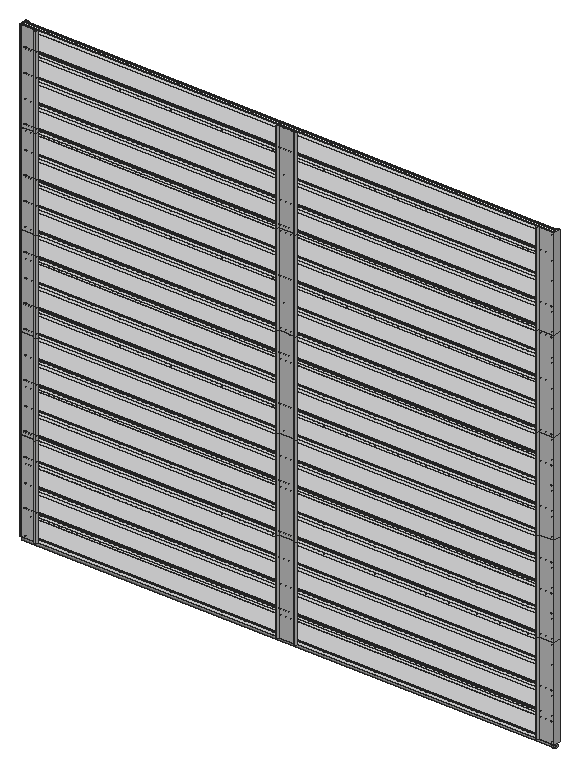
Revit family "GAFS 20H WH", category Doors, host Wall, Revit 2024
Family settings
  Host = Wall
  OmniClass Number = 23.30.10.00
  OmniClass Title = Doors
  Always vertical = Yes
  Cut with Voids When Loaded = No
  Shared = No
  Room Calculation Point = No
Parameters
  Wall Opening [instance] = 4880 mm
  Function = Interior
  Frame Projection Ext. = 25 mm
  Frame Projection Int. = 25 mm
  Frame Width = 75 mm
  Height = 2135 mm
  Wall Closure = By host
  Width = 2440 mm
Reference planes
  plane 1: y = 0
  plane 2 "Center (Left/Right)": x = 0
  plane 3: z = 2135
  plane 4 "Exterior": y = 75
  plane 5 "Interior": y = -75
  plane 6 "Garage Bottom": y = 75
  plane 7 "Garage Top": z = 2170
  plane 8: z = 19.954
  plane 9 "Garage Left": x = 1250
  plane 10 "Garage Right": x = -1250
Forms (mm)
  Extrusion 1, solid, material "STEEL BACK & SIDE PLATES"
    sketch origin (2744.172, 256, 612.954) x (1, 0, 0) y (0, 1, 0)
      loop
        line (-2791.977, -404.804) -> (-2789.506, -414.002) -> (-2782.523, -414.002) -> (-2780.383, -405.996) -> (-2707.961, -405.996) -> (-2705.821, -414.002) -> (-2698.839, -414.002) -> (-2696.367, -404.804) -> (-2697.626, -404.804) -> (-2699.758, -412.802) -> (-2704.9, -412.802) -> (-2707.039, -404.797) -> (-2781.305, -404.797) -> (-2783.444, -412.802) -> (-2788.586, -412.802) -> (-2790.718, -404.804) -> (-2791.977, -404.804)
      loop
        line (-3985.472, -373.2) -> (-3992.972, -373.2) -> (-3992.972, -372) -> (-3991.972, -372)
        arc (-3991.972, -372) -> (-3991.472, -371.5) -> (-3991.972, -371) r 0.5
        line (-3991.972, -371) -> (-3994.172, -371) -> (-3994.172, -406) -> (-3924.955, -406) -> (-3922.812, -414) -> (-3915.811, -414) -> (-3913.363, -404.8) -> (-3914.589, -404.8) -> (-3916.732, -412.8) -> (-3921.891, -412.8) -> (-3924.034, -404.8) -> (-3992.972, -404.8) -> (-3992.972, -374.4) -> (-3980.945, -374.4)
        arc (-3980.945, -374.4) -> (-3980.21, -374.891) -> (-3979.372, -374.607) r 1
        line (-3979.372, -374.607) -> (-3978.819, -374.054)
        arc (-3978.819, -374.054) -> (-3978.71, -373.509) -> (-3979.172, -373.2) r 0.5
        line (-3979.172, -373.2) -> (-3984.272, -373.2) -> (-3984.272, -371) -> (-3986.472, -371)
        arc (-3986.472, -371) -> (-3986.972, -371.5) -> (-3986.472, -372) r 0.5
        line (-3986.472, -372) -> (-3985.472, -372) -> (-3985.472, -373.2)
      loop
        line (-1502.872, -373.2) -> (-1502.872, -372) -> (-1501.872, -372)
        arc (-1501.872, -372) -> (-1501.372, -371.5) -> (-1501.872, -371) r 0.5
        line (-1501.872, -371) -> (-1504.072, -371) -> (-1504.072, -373.2) -> (-1509.172, -373.2)
        arc (-1509.172, -373.2) -> (-1509.634, -373.509) -> (-1509.526, -374.054) r 0.5
        line (-1509.526, -374.054) -> (-1508.972, -374.607)
        arc (-1508.972, -374.607) -> (-1508.135, -374.891) -> (-1507.399, -374.4) r 1
        line (-1507.399, -374.4) -> (-1495.372, -374.4) -> (-1495.372, -404.8) -> (-1564.31, -404.8) -> (-1566.454, -412.8) -> (-1571.612, -412.8) -> (-1573.756, -404.8) -> (-1574.982, -404.8) -> (-1572.533, -414) -> (-1565.533, -414) -> (-1563.389, -406) -> (-1494.172, -406) -> (-1494.172, -371) -> (-1496.372, -371)
        arc (-1496.372, -371) -> (-1496.872, -371.5) -> (-1496.372, -372) r 0.5
        line (-1496.372, -372) -> (-1495.372, -372) -> (-1495.372, -373.2) -> (-1502.872, -373.2)
    from 267.046 to 697.046
  Extrusion 2, solid, material "STEEL BACK & SIDE PLATES"
    sketch origin (2744.172, 256, 182.954) x (1, 0, 0) y (0, 1, 0)
      loop
        line (-2791.977, -404.804) -> (-2789.506, -414.002) -> (-2782.523, -414.002) -> (-2780.383, -405.996) -> (-2707.961, -405.996) -> (-2705.821, -414.002) -> (-2698.839, -414.002) -> (-2696.367, -404.804) -> (-2697.626, -404.804) -> (-2699.758, -412.802) -> (-2704.9, -412.802) -> (-2707.039, -404.797) -> (-2781.305, -404.797) -> (-2783.444, -412.802) -> (-2788.586, -412.802) -> (-2790.718, -404.804) -> (-2791.977, -404.804)
      loop
        line (-3985.472, -373.2) -> (-3992.972, -373.2) -> (-3992.972, -372) -> (-3991.972, -372)
        arc (-3991.972, -372) -> (-3991.472, -371.5) -> (-3991.972, -371) r 0.5
        line (-3991.972, -371) -> (-3994.172, -371) -> (-3994.172, -406) -> (-3924.955, -406) -> (-3922.812, -414) -> (-3915.811, -414) -> (-3913.363, -404.8) -> (-3914.589, -404.8) -> (-3916.732, -412.8) -> (-3921.891, -412.8) -> (-3924.034, -404.8) -> (-3992.972, -404.8) -> (-3992.972, -374.4) -> (-3980.945, -374.4)
        arc (-3980.945, -374.4) -> (-3980.21, -374.891) -> (-3979.372, -374.607) r 1
        line (-3979.372, -374.607) -> (-3978.819, -374.054)
        arc (-3978.819, -374.054) -> (-3978.71, -373.509) -> (-3979.172, -373.2) r 0.5
        line (-3979.172, -373.2) -> (-3984.272, -373.2) -> (-3984.272, -371) -> (-3986.472, -371)
        arc (-3986.472, -371) -> (-3986.972, -371.5) -> (-3986.472, -372) r 0.5
        line (-3986.472, -372) -> (-3985.472, -372) -> (-3985.472, -373.2)
      loop
        line (-1502.872, -373.2) -> (-1502.872, -372) -> (-1501.872, -372)
        arc (-1501.872, -372) -> (-1501.372, -371.5) -> (-1501.872, -371) r 0.5
        line (-1501.872, -371) -> (-1504.072, -371) -> (-1504.072, -373.2) -> (-1509.172, -373.2)
        arc (-1509.172, -373.2) -> (-1509.634, -373.509) -> (-1509.526, -374.054) r 0.5
        line (-1509.526, -374.054) -> (-1508.972, -374.607)
        arc (-1508.972, -374.607) -> (-1508.135, -374.891) -> (-1507.399, -374.4) r 1
        line (-1507.399, -374.4) -> (-1495.372, -374.4) -> (-1495.372, -404.8) -> (-1564.31, -404.8) -> (-1566.454, -412.8) -> (-1571.612, -412.8) -> (-1573.756, -404.8) -> (-1574.982, -404.8) -> (-1572.533, -414) -> (-1565.533, -414) -> (-1563.389, -406) -> (-1494.172, -406) -> (-1494.172, -371) -> (-1496.372, -371)
        arc (-1496.372, -371) -> (-1496.872, -371.5) -> (-1496.372, -372) r 0.5
        line (-1496.372, -372) -> (-1495.372, -372) -> (-1495.372, -373.2) -> (-1502.872, -373.2)
    from 267.046 to 697.046
  Extrusion 3, solid, material "STEEL BACK & SIDE PLATES"
    sketch origin (2744.172, 256, -247.046) x (1, 0, 0) y (0, 1, 0)
      loop
        line (-2791.977, -404.804) -> (-2789.506, -414.002) -> (-2782.523, -414.002) -> (-2780.383, -405.996) -> (-2707.961, -405.996) -> (-2705.821, -414.002) -> (-2698.839, -414.002) -> (-2696.367, -404.804) -> (-2697.626, -404.804) -> (-2699.758, -412.802) -> (-2704.9, -412.802) -> (-2707.039, -404.797) -> (-2781.305, -404.797) -> (-2783.444, -412.802) -> (-2788.586, -412.802) -> (-2790.718, -404.804) -> (-2791.977, -404.804)
      loop
        line (-3985.472, -373.2) -> (-3992.972, -373.2) -> (-3992.972, -372) -> (-3991.972, -372)
        arc (-3991.972, -372) -> (-3991.472, -371.5) -> (-3991.972, -371) r 0.5
        line (-3991.972, -371) -> (-3994.172, -371) -> (-3994.172, -406) -> (-3924.955, -406) -> (-3922.812, -414) -> (-3915.811, -414) -> (-3913.363, -404.8) -> (-3914.589, -404.8) -> (-3916.732, -412.8) -> (-3921.891, -412.8) -> (-3924.034, -404.8) -> (-3992.972, -404.8) -> (-3992.972, -374.4) -> (-3980.945, -374.4)
        arc (-3980.945, -374.4) -> (-3980.21, -374.891) -> (-3979.372, -374.607) r 1
        line (-3979.372, -374.607) -> (-3978.819, -374.054)
        arc (-3978.819, -374.054) -> (-3978.71, -373.509) -> (-3979.172, -373.2) r 0.5
        line (-3979.172, -373.2) -> (-3984.272, -373.2) -> (-3984.272, -371) -> (-3986.472, -371)
        arc (-3986.472, -371) -> (-3986.972, -371.5) -> (-3986.472, -372) r 0.5
        line (-3986.472, -372) -> (-3985.472, -372) -> (-3985.472, -373.2)
      loop
        line (-1502.872, -373.2) -> (-1502.872, -372) -> (-1501.872, -372)
        arc (-1501.872, -372) -> (-1501.372, -371.5) -> (-1501.872, -371) r 0.5
        line (-1501.872, -371) -> (-1504.072, -371) -> (-1504.072, -373.2) -> (-1509.172, -373.2)
        arc (-1509.172, -373.2) -> (-1509.634, -373.509) -> (-1509.526, -374.054) r 0.5
        line (-1509.526, -374.054) -> (-1508.972, -374.607)
        arc (-1508.972, -374.607) -> (-1508.135, -374.891) -> (-1507.399, -374.4) r 1
        line (-1507.399, -374.4) -> (-1495.372, -374.4) -> (-1495.372, -404.8) -> (-1564.31, -404.8) -> (-1566.454, -412.8) -> (-1571.612, -412.8) -> (-1573.756, -404.8) -> (-1574.982, -404.8) -> (-1572.533, -414) -> (-1565.533, -414) -> (-1563.389, -406) -> (-1494.172, -406) -> (-1494.172, -371) -> (-1496.372, -371)
        arc (-1496.372, -371) -> (-1496.872, -371.5) -> (-1496.372, -372) r 0.5
        line (-1496.372, -372) -> (-1495.372, -372) -> (-1495.372, -373.2) -> (-1502.872, -373.2)
    from 267 to 697.046
  Extrusion 4, solid, material "STEEL BACK & SIDE PLATES"
    sketch origin (2744.172, 256, 1042.954) x (1, 0, 0) y (0, 1, 0)
      loop
        line (-2791.977, -404.804) -> (-2789.506, -414.002) -> (-2782.523, -414.002) -> (-2780.383, -405.996) -> (-2707.961, -405.996) -> (-2705.821, -414.002) -> (-2698.839, -414.002) -> (-2696.367, -404.804) -> (-2697.626, -404.804) -> (-2699.758, -412.802) -> (-2704.9, -412.802) -> (-2707.039, -404.797) -> (-2781.305, -404.797) -> (-2783.444, -412.802) -> (-2788.586, -412.802) -> (-2790.718, -404.804) -> (-2791.977, -404.804)
      loop
        line (-3985.472, -373.2) -> (-3992.972, -373.2) -> (-3992.972, -372) -> (-3991.972, -372)
        arc (-3991.972, -372) -> (-3991.472, -371.5) -> (-3991.972, -371) r 0.5
        line (-3991.972, -371) -> (-3994.172, -371) -> (-3994.172, -406) -> (-3924.955, -406) -> (-3922.812, -414) -> (-3915.811, -414) -> (-3913.363, -404.8) -> (-3914.589, -404.8) -> (-3916.732, -412.8) -> (-3921.891, -412.8) -> (-3924.034, -404.8) -> (-3992.972, -404.8) -> (-3992.972, -374.4) -> (-3980.945, -374.4)
        arc (-3980.945, -374.4) -> (-3980.21, -374.891) -> (-3979.372, -374.607) r 1
        line (-3979.372, -374.607) -> (-3978.819, -374.054)
        arc (-3978.819, -374.054) -> (-3978.71, -373.509) -> (-3979.172, -373.2) r 0.5
        line (-3979.172, -373.2) -> (-3984.272, -373.2) -> (-3984.272, -371) -> (-3986.472, -371)
        arc (-3986.472, -371) -> (-3986.972, -371.5) -> (-3986.472, -372) r 0.5
        line (-3986.472, -372) -> (-3985.472, -372) -> (-3985.472, -373.2)
      loop
        line (-1502.872, -373.2) -> (-1502.872, -372) -> (-1501.872, -372)
        arc (-1501.872, -372) -> (-1501.372, -371.5) -> (-1501.872, -371) r 0.5
        line (-1501.872, -371) -> (-1504.072, -371) -> (-1504.072, -373.2) -> (-1509.172, -373.2)
        arc (-1509.172, -373.2) -> (-1509.634, -373.509) -> (-1509.526, -374.054) r 0.5
        line (-1509.526, -374.054) -> (-1508.972, -374.607)
        arc (-1508.972, -374.607) -> (-1508.135, -374.891) -> (-1507.399, -374.4) r 1
        line (-1507.399, -374.4) -> (-1495.372, -374.4) -> (-1495.372, -404.8) -> (-1564.31, -404.8) -> (-1566.454, -412.8) -> (-1571.612, -412.8) -> (-1573.756, -404.8) -> (-1574.982, -404.8) -> (-1572.533, -414) -> (-1565.533, -414) -> (-1563.389, -406) -> (-1494.172, -406) -> (-1494.172, -371) -> (-1496.372, -371)
        arc (-1496.372, -371) -> (-1496.872, -371.5) -> (-1496.372, -372) r 0.5
        line (-1496.372, -372) -> (-1495.372, -372) -> (-1495.372, -373.2) -> (-1502.872, -373.2)
    from 267.046 to 697.046
  Extrusion 5, solid, material "STEEL BACK & SIDE PLATES"
    sketch origin (2744.172, 256, 1472.954) x (1, 0, 0) y (0, 1, 0)
      loop
        line (-2791.977, -404.804) -> (-2789.506, -414.002) -> (-2782.523, -414.002) -> (-2780.383, -405.996) -> (-2707.961, -405.996) -> (-2705.821, -414.002) -> (-2698.839, -414.002) -> (-2696.367, -404.804) -> (-2697.626, -404.804) -> (-2699.758, -412.802) -> (-2704.9, -412.802) -> (-2707.039, -404.797) -> (-2781.305, -404.797) -> (-2783.444, -412.802) -> (-2788.586, -412.802) -> (-2790.718, -404.804) -> (-2791.977, -404.804)
      loop
        line (-3985.472, -373.2) -> (-3992.972, -373.2) -> (-3992.972, -372) -> (-3991.972, -372)
        arc (-3991.972, -372) -> (-3991.472, -371.5) -> (-3991.972, -371) r 0.5
        line (-3991.972, -371) -> (-3994.172, -371) -> (-3994.172, -406) -> (-3924.955, -406) -> (-3922.812, -414) -> (-3915.811, -414) -> (-3913.363, -404.8) -> (-3914.589, -404.8) -> (-3916.732, -412.8) -> (-3921.891, -412.8) -> (-3924.034, -404.8) -> (-3992.972, -404.8) -> (-3992.972, -374.4) -> (-3980.945, -374.4)
        arc (-3980.945, -374.4) -> (-3980.21, -374.891) -> (-3979.372, -374.607) r 1
        line (-3979.372, -374.607) -> (-3978.819, -374.054)
        arc (-3978.819, -374.054) -> (-3978.71, -373.509) -> (-3979.172, -373.2) r 0.5
        line (-3979.172, -373.2) -> (-3984.272, -373.2) -> (-3984.272, -371) -> (-3986.472, -371)
        arc (-3986.472, -371) -> (-3986.972, -371.5) -> (-3986.472, -372) r 0.5
        line (-3986.472, -372) -> (-3985.472, -372) -> (-3985.472, -373.2)
      loop
        line (-1502.872, -373.2) -> (-1502.872, -372) -> (-1501.872, -372)
        arc (-1501.872, -372) -> (-1501.372, -371.5) -> (-1501.872, -371) r 0.5
        line (-1501.872, -371) -> (-1504.072, -371) -> (-1504.072, -373.2) -> (-1509.172, -373.2)
        arc (-1509.172, -373.2) -> (-1509.634, -373.509) -> (-1509.526, -374.054) r 0.5
        line (-1509.526, -374.054) -> (-1508.972, -374.607)
        arc (-1508.972, -374.607) -> (-1508.135, -374.891) -> (-1507.399, -374.4) r 1
        line (-1507.399, -374.4) -> (-1495.372, -374.4) -> (-1495.372, -404.8) -> (-1564.31, -404.8) -> (-1566.454, -412.8) -> (-1571.612, -412.8) -> (-1573.756, -404.8) -> (-1574.982, -404.8) -> (-1572.533, -414) -> (-1565.533, -414) -> (-1563.389, -406) -> (-1494.172, -406) -> (-1494.172, -371) -> (-1496.372, -371)
        arc (-1496.372, -371) -> (-1496.872, -371.5) -> (-1496.372, -372) r 0.5
        line (-1496.372, -372) -> (-1495.372, -372) -> (-1495.372, -373.2) -> (-1502.872, -373.2)
    from 267.046 to 697.046
  Extrusion 6, solid, material "WHITE ALUMINIUM"
    sketch origin (0, -44, 2189.863) x (0, -1, 0) y (0, 0, -1)
      loop
        line (82.14, 2169.909) -> (74.797, 2169.909) -> (74.797, 2070.864) -> (78.797, 2069.409) -> (78.797, 2062.409) -> (83.136, 2062.409)
        arc (83.136, 2062.409) -> (83.518, 2062.332) -> (83.843, 2062.116) r 1
        line (83.843, 2062.116) -> (86.55, 2059.409) -> (88.077, 2059.409)
        arc (88.077, 2059.409) -> (88.477, 2059.809) -> (88.077, 2060.209) r 0.4
        line (88.077, 2060.209) -> (87.047, 2060.209) -> (87.047, 2061.409) -> (92.547, 2061.409) -> (92.547, 2060.209) -> (91.517, 2060.209)
        arc (91.517, 2060.209) -> (91.117, 2059.809) -> (91.517, 2059.409) r 0.4
        line (91.517, 2059.409) -> (93.044, 2059.409) -> (95.751, 2062.116)
        arc (95.751, 2062.116) -> (96.077, 2062.333) -> (96.461, 2062.409) r 1
        line (96.461, 2062.409) -> (104.797, 2062.409) -> (104.797, 2074.409) -> (101.397, 2074.409)
        arc (101.397, 2074.409) -> (100.697, 2073.709) -> (101.397, 2073.009) r 0.7
        line (101.397, 2073.009) -> (103.397, 2073.009) -> (103.397, 2063.809) -> (95.464, 2063.809) -> (94.464, 2062.809) -> (85.13, 2062.809) -> (84.13, 2063.809) -> (80.197, 2063.809) -> (80.197, 2070.389) -> (76.197, 2071.845) -> (76.197, 2168.509) -> (81.56, 2168.509) -> (87.06, 2163.009) -> (92.534, 2163.009) -> (98.034, 2168.509) -> (103.397, 2168.509) -> (103.397, 2159.309) -> (101.397, 2159.309)
        arc (101.397, 2159.309) -> (100.697, 2158.609) -> (101.397, 2157.909) r 0.7
        line (101.397, 2157.909) -> (104.797, 2157.909) -> (104.797, 2169.909) -> (97.454, 2169.909) -> (91.954, 2164.409) -> (87.64, 2164.409) -> (82.14, 2169.909)
    from -1248.8 to 1248.8
  Extrusion 7, solid, material "Rubber, Natural"
    sketch origin (0, -32.797, 0.046) x (0, 1, 0) y (0, 0, 1)
      loop
        line (-111, 19.909) -> (-111, 16.909) -> (-106, 16.909) -> (-106, 14.004)
        spline (-106, 14.004) -> (-109.192, 11.809) -> (-110.848, 8.808) -> (-110.659, 5.562) -> (-108.66, 2.681) -> (-105.226, 0.703) -> (-101, 0) -> (-96.774, 0.703) -> (-93.34, 2.681) -> (-91.341, 5.562) -> (-91.152, 8.808) -> (-92.808, 11.809) -> (-96, 14.004)
        line (-96, 14.004) -> (-96, 16.909) -> (-91, 16.909) -> (-91, 19.909) -> (-111, 19.909)
      loop
        line (-98, 16.909) -> (-104, 16.909) -> (-104, 14.633)
        arc (-104, 14.633) -> (-101, 15.009) -> (-98, 14.633) r 12.129
        line (-98, 14.633) -> (-98, 16.909)
      loop
        spline (-101, 1.513) -> (-98.929, 1.717) -> (-97, 2.316) -> (-95.343, 3.268) -> (-94.072, 4.509) -> (-93.273, 5.954) -> (-93, 7.505) -> (-93.273, 9.055) -> (-94.072, 10.501) -> (-95.343, 11.742) -> (-97, 12.694) -> (-98.929, 13.292) -> (-101, 13.496)
        spline (-101, 13.496) -> (-103.071, 13.292) -> (-105, 12.694) -> (-106.657, 11.742) -> (-107.928, 10.501) -> (-108.727, 9.055) -> (-109, 7.505) -> (-108.727, 5.954) -> (-107.928, 4.509) -> (-106.657, 3.268) -> (-105, 2.316) -> (-103.071, 1.717) -> (-101, 1.513)
    from -1248.8 to 1248.8
  Extrusion 8, solid, material "WHITE ALUMINIUM"
    sketch origin (0, -44, 2297.363) x (0, -1, 0) y (0, 0, -1)
      loop
        line (82.14, 2169.909) -> (74.797, 2169.909) -> (74.797, 2070.864) -> (78.797, 2069.409) -> (78.797, 2062.409) -> (83.136, 2062.409)
        arc (83.136, 2062.409) -> (83.518, 2062.332) -> (83.843, 2062.116) r 1
        line (83.843, 2062.116) -> (86.55, 2059.409) -> (88.077, 2059.409)
        arc (88.077, 2059.409) -> (88.477, 2059.809) -> (88.077, 2060.209) r 0.4
        line (88.077, 2060.209) -> (87.047, 2060.209) -> (87.047, 2061.409) -> (92.547, 2061.409) -> (92.547, 2060.209) -> (91.517, 2060.209)
        arc (91.517, 2060.209) -> (91.117, 2059.809) -> (91.517, 2059.409) r 0.4
        line (91.517, 2059.409) -> (93.044, 2059.409) -> (95.751, 2062.116)
        arc (95.751, 2062.116) -> (96.077, 2062.333) -> (96.461, 2062.409) r 1
        line (96.461, 2062.409) -> (104.797, 2062.409) -> (104.797, 2074.409) -> (101.397, 2074.409)
        arc (101.397, 2074.409) -> (100.697, 2073.709) -> (101.397, 2073.009) r 0.7
        line (101.397, 2073.009) -> (103.397, 2073.009) -> (103.397, 2063.809) -> (95.464, 2063.809) -> (94.464, 2062.809) -> (85.13, 2062.809) -> (84.13, 2063.809) -> (80.197, 2063.809) -> (80.197, 2070.389) -> (76.197, 2071.845) -> (76.197, 2168.509) -> (81.56, 2168.509) -> (87.06, 2163.009) -> (92.534, 2163.009) -> (98.034, 2168.509) -> (103.397, 2168.509) -> (103.397, 2159.309) -> (101.397, 2159.309)
        arc (101.397, 2159.309) -> (100.697, 2158.609) -> (101.397, 2157.909) r 0.7
        line (101.397, 2157.909) -> (104.797, 2157.909) -> (104.797, 2169.909) -> (97.454, 2169.909) -> (91.954, 2164.409) -> (87.64, 2164.409) -> (82.14, 2169.909)
    from -1248.8 to 1248.8
  Extrusion 9, solid, material "WHITE ALUMINIUM"
    sketch origin (0, -44, 2404.863) x (0, -1, 0) y (0, 0, -1)
      loop
        line (82.14, 2169.909) -> (74.797, 2169.909) -> (74.797, 2070.864) -> (78.797, 2069.409) -> (78.797, 2062.409) -> (83.136, 2062.409)
        arc (83.136, 2062.409) -> (83.518, 2062.332) -> (83.843, 2062.116) r 1
        line (83.843, 2062.116) -> (86.55, 2059.409) -> (88.077, 2059.409)
        arc (88.077, 2059.409) -> (88.477, 2059.809) -> (88.077, 2060.209) r 0.4
        line (88.077, 2060.209) -> (87.047, 2060.209) -> (87.047, 2061.409) -> (92.547, 2061.409) -> (92.547, 2060.209) -> (91.517, 2060.209)
        arc (91.517, 2060.209) -> (91.117, 2059.809) -> (91.517, 2059.409) r 0.4
        line (91.517, 2059.409) -> (93.044, 2059.409) -> (95.751, 2062.116)
        arc (95.751, 2062.116) -> (96.077, 2062.333) -> (96.461, 2062.409) r 1
        line (96.461, 2062.409) -> (104.797, 2062.409) -> (104.797, 2074.409) -> (101.397, 2074.409)
        arc (101.397, 2074.409) -> (100.697, 2073.709) -> (101.397, 2073.009) r 0.7
        line (101.397, 2073.009) -> (103.397, 2073.009) -> (103.397, 2063.809) -> (95.464, 2063.809) -> (94.464, 2062.809) -> (85.13, 2062.809) -> (84.13, 2063.809) -> (80.197, 2063.809) -> (80.197, 2070.389) -> (76.197, 2071.845) -> (76.197, 2168.509) -> (81.56, 2168.509) -> (87.06, 2163.009) -> (92.534, 2163.009) -> (98.034, 2168.509) -> (103.397, 2168.509) -> (103.397, 2159.309) -> (101.397, 2159.309)
        arc (101.397, 2159.309) -> (100.697, 2158.609) -> (101.397, 2157.909) r 0.7
        line (101.397, 2157.909) -> (104.797, 2157.909) -> (104.797, 2169.909) -> (97.454, 2169.909) -> (91.954, 2164.409) -> (87.64, 2164.409) -> (82.14, 2169.909)
    from -1248.8 to 1248.8
  Extrusion 10, solid, material "WHITE ALUMINIUM"
    sketch origin (0, -44, 2512.363) x (0, -1, 0) y (0, 0, -1)
      loop
        line (82.14, 2169.909) -> (74.797, 2169.909) -> (74.797, 2070.864) -> (78.797, 2069.409) -> (78.797, 2062.409) -> (83.136, 2062.409)
        arc (83.136, 2062.409) -> (83.518, 2062.332) -> (83.843, 2062.116) r 1
        line (83.843, 2062.116) -> (86.55, 2059.409) -> (88.077, 2059.409)
        arc (88.077, 2059.409) -> (88.477, 2059.809) -> (88.077, 2060.209) r 0.4
        line (88.077, 2060.209) -> (87.047, 2060.209) -> (87.047, 2061.409) -> (92.547, 2061.409) -> (92.547, 2060.209) -> (91.517, 2060.209)
        arc (91.517, 2060.209) -> (91.117, 2059.809) -> (91.517, 2059.409) r 0.4
        line (91.517, 2059.409) -> (93.044, 2059.409) -> (95.751, 2062.116)
        arc (95.751, 2062.116) -> (96.077, 2062.333) -> (96.461, 2062.409) r 1
        line (96.461, 2062.409) -> (104.797, 2062.409) -> (104.797, 2074.409) -> (101.397, 2074.409)
        arc (101.397, 2074.409) -> (100.697, 2073.709) -> (101.397, 2073.009) r 0.7
        line (101.397, 2073.009) -> (103.397, 2073.009) -> (103.397, 2063.809) -> (95.464, 2063.809) -> (94.464, 2062.809) -> (85.13, 2062.809) -> (84.13, 2063.809) -> (80.197, 2063.809) -> (80.197, 2070.389) -> (76.197, 2071.845) -> (76.197, 2168.509) -> (81.56, 2168.509) -> (87.06, 2163.009) -> (92.534, 2163.009) -> (98.034, 2168.509) -> (103.397, 2168.509) -> (103.397, 2159.309) -> (101.397, 2159.309)
        arc (101.397, 2159.309) -> (100.697, 2158.609) -> (101.397, 2157.909) r 0.7
        line (101.397, 2157.909) -> (104.797, 2157.909) -> (104.797, 2169.909) -> (97.454, 2169.909) -> (91.954, 2164.409) -> (87.64, 2164.409) -> (82.14, 2169.909)
    from -1248.8 to 1248.8
  Extrusion 11, solid, material "WHITE ALUMINIUM"
    sketch origin (0, -44, 2619.909) x (0, -1, 0) y (0, 0, -1)
      loop
        line (82.14, 2169.909) -> (74.797, 2169.909) -> (74.797, 2070.864) -> (78.797, 2069.409) -> (78.797, 2062.409) -> (83.136, 2062.409)
        arc (83.136, 2062.409) -> (83.518, 2062.332) -> (83.843, 2062.116) r 1
        line (83.843, 2062.116) -> (86.55, 2059.409) -> (88.077, 2059.409)
        arc (88.077, 2059.409) -> (88.477, 2059.809) -> (88.077, 2060.209) r 0.4
        line (88.077, 2060.209) -> (87.047, 2060.209) -> (87.047, 2061.409) -> (92.547, 2061.409) -> (92.547, 2060.209) -> (91.517, 2060.209)
        arc (91.517, 2060.209) -> (91.117, 2059.809) -> (91.517, 2059.409) r 0.4
        line (91.517, 2059.409) -> (93.044, 2059.409) -> (95.751, 2062.116)
        arc (95.751, 2062.116) -> (96.077, 2062.333) -> (96.461, 2062.409) r 1
        line (96.461, 2062.409) -> (104.797, 2062.409) -> (104.797, 2074.409) -> (101.397, 2074.409)
        arc (101.397, 2074.409) -> (100.697, 2073.709) -> (101.397, 2073.009) r 0.7
        line (101.397, 2073.009) -> (103.397, 2073.009) -> (103.397, 2063.809) -> (95.464, 2063.809) -> (94.464, 2062.809) -> (85.13, 2062.809) -> (84.13, 2063.809) -> (80.197, 2063.809) -> (80.197, 2070.389) -> (76.197, 2071.845) -> (76.197, 2168.509) -> (81.56, 2168.509) -> (87.06, 2163.009) -> (92.534, 2163.009) -> (98.034, 2168.509) -> (103.397, 2168.509) -> (103.397, 2159.309) -> (101.397, 2159.309)
        arc (101.397, 2159.309) -> (100.697, 2158.609) -> (101.397, 2157.909) r 0.7
        line (101.397, 2157.909) -> (104.797, 2157.909) -> (104.797, 2169.909) -> (97.454, 2169.909) -> (91.954, 2164.409) -> (87.64, 2164.409) -> (82.14, 2169.909)
    from -1248.8 to 1248.8
  Extrusion 12, solid, material "WHITE ALUMINIUM"
    sketch origin (0, -44, 2727.409) x (0, -1, 0) y (0, 0, -1)
      loop
        line (82.14, 2169.909) -> (74.797, 2169.909) -> (74.797, 2070.864) -> (78.797, 2069.409) -> (78.797, 2062.409) -> (83.136, 2062.409)
        arc (83.136, 2062.409) -> (83.518, 2062.332) -> (83.843, 2062.116) r 1
        line (83.843, 2062.116) -> (86.55, 2059.409) -> (88.077, 2059.409)
        arc (88.077, 2059.409) -> (88.477, 2059.809) -> (88.077, 2060.209) r 0.4
        line (88.077, 2060.209) -> (87.047, 2060.209) -> (87.047, 2061.409) -> (92.547, 2061.409) -> (92.547, 2060.209) -> (91.517, 2060.209)
        arc (91.517, 2060.209) -> (91.117, 2059.809) -> (91.517, 2059.409) r 0.4
        line (91.517, 2059.409) -> (93.044, 2059.409) -> (95.751, 2062.116)
        arc (95.751, 2062.116) -> (96.077, 2062.333) -> (96.461, 2062.409) r 1
        line (96.461, 2062.409) -> (104.797, 2062.409) -> (104.797, 2074.409) -> (101.397, 2074.409)
        arc (101.397, 2074.409) -> (100.697, 2073.709) -> (101.397, 2073.009) r 0.7
        line (101.397, 2073.009) -> (103.397, 2073.009) -> (103.397, 2063.809) -> (95.464, 2063.809) -> (94.464, 2062.809) -> (85.13, 2062.809) -> (84.13, 2063.809) -> (80.197, 2063.809) -> (80.197, 2070.389) -> (76.197, 2071.845) -> (76.197, 2168.509) -> (81.56, 2168.509) -> (87.06, 2163.009) -> (92.534, 2163.009) -> (98.034, 2168.509) -> (103.397, 2168.509) -> (103.397, 2159.309) -> (101.397, 2159.309)
        arc (101.397, 2159.309) -> (100.697, 2158.609) -> (101.397, 2157.909) r 0.7
        line (101.397, 2157.909) -> (104.797, 2157.909) -> (104.797, 2169.909) -> (97.454, 2169.909) -> (91.954, 2164.409) -> (87.64, 2164.409) -> (82.14, 2169.909)
    from -1248.8 to 1248.8
  Extrusion 13, solid, material "WHITE ALUMINIUM"
    sketch origin (0, -44, 2834.909) x (0, -1, 0) y (0, 0, -1)
      loop
        line (82.14, 2169.909) -> (74.797, 2169.909) -> (74.797, 2070.864) -> (78.797, 2069.409) -> (78.797, 2062.409) -> (83.136, 2062.409)
        arc (83.136, 2062.409) -> (83.518, 2062.332) -> (83.843, 2062.116) r 1
        line (83.843, 2062.116) -> (86.55, 2059.409) -> (88.077, 2059.409)
        arc (88.077, 2059.409) -> (88.477, 2059.809) -> (88.077, 2060.209) r 0.4
        line (88.077, 2060.209) -> (87.047, 2060.209) -> (87.047, 2061.409) -> (92.547, 2061.409) -> (92.547, 2060.209) -> (91.517, 2060.209)
        arc (91.517, 2060.209) -> (91.117, 2059.809) -> (91.517, 2059.409) r 0.4
        line (91.517, 2059.409) -> (93.044, 2059.409) -> (95.751, 2062.116)
        arc (95.751, 2062.116) -> (96.077, 2062.333) -> (96.461, 2062.409) r 1
        line (96.461, 2062.409) -> (104.797, 2062.409) -> (104.797, 2074.409) -> (101.397, 2074.409)
        arc (101.397, 2074.409) -> (100.697, 2073.709) -> (101.397, 2073.009) r 0.7
        line (101.397, 2073.009) -> (103.397, 2073.009) -> (103.397, 2063.809) -> (95.464, 2063.809) -> (94.464, 2062.809) -> (85.13, 2062.809) -> (84.13, 2063.809) -> (80.197, 2063.809) -> (80.197, 2070.389) -> (76.197, 2071.845) -> (76.197, 2168.509) -> (81.56, 2168.509) -> (87.06, 2163.009) -> (92.534, 2163.009) -> (98.034, 2168.509) -> (103.397, 2168.509) -> (103.397, 2159.309) -> (101.397, 2159.309)
        arc (101.397, 2159.309) -> (100.697, 2158.609) -> (101.397, 2157.909) r 0.7
        line (101.397, 2157.909) -> (104.797, 2157.909) -> (104.797, 2169.909) -> (97.454, 2169.909) -> (91.954, 2164.409) -> (87.64, 2164.409) -> (82.14, 2169.909)
    from -1248.8 to 1248.8
  Extrusion 14, solid, material "WHITE ALUMINIUM"
    sketch origin (0, -44, 2942.409) x (0, -1, 0) y (0, 0, -1)
      loop
        line (82.14, 2169.909) -> (74.797, 2169.909) -> (74.797, 2070.864) -> (78.797, 2069.409) -> (78.797, 2062.409) -> (83.136, 2062.409)
        arc (83.136, 2062.409) -> (83.518, 2062.332) -> (83.843, 2062.116) r 1
        line (83.843, 2062.116) -> (86.55, 2059.409) -> (88.077, 2059.409)
        arc (88.077, 2059.409) -> (88.477, 2059.809) -> (88.077, 2060.209) r 0.4
        line (88.077, 2060.209) -> (87.047, 2060.209) -> (87.047, 2061.409) -> (92.547, 2061.409) -> (92.547, 2060.209) -> (91.517, 2060.209)
        arc (91.517, 2060.209) -> (91.117, 2059.809) -> (91.517, 2059.409) r 0.4
        line (91.517, 2059.409) -> (93.044, 2059.409) -> (95.751, 2062.116)
        arc (95.751, 2062.116) -> (96.077, 2062.333) -> (96.461, 2062.409) r 1
        line (96.461, 2062.409) -> (104.797, 2062.409) -> (104.797, 2074.409) -> (101.397, 2074.409)
        arc (101.397, 2074.409) -> (100.697, 2073.709) -> (101.397, 2073.009) r 0.7
        line (101.397, 2073.009) -> (103.397, 2073.009) -> (103.397, 2063.809) -> (95.464, 2063.809) -> (94.464, 2062.809) -> (85.13, 2062.809) -> (84.13, 2063.809) -> (80.197, 2063.809) -> (80.197, 2070.389) -> (76.197, 2071.845) -> (76.197, 2168.509) -> (81.56, 2168.509) -> (87.06, 2163.009) -> (92.534, 2163.009) -> (98.034, 2168.509) -> (103.397, 2168.509) -> (103.397, 2159.309) -> (101.397, 2159.309)
        arc (101.397, 2159.309) -> (100.697, 2158.609) -> (101.397, 2157.909) r 0.7
        line (101.397, 2157.909) -> (104.797, 2157.909) -> (104.797, 2169.909) -> (97.454, 2169.909) -> (91.954, 2164.409) -> (87.64, 2164.409) -> (82.14, 2169.909)
    from -1248.8 to 1248.8
  Extrusion 15, solid, material "WHITE ALUMINIUM"
    sketch origin (0, -44, 3049.909) x (0, -1, 0) y (0, 0, -1)
      loop
        line (82.14, 2169.909) -> (74.797, 2169.909) -> (74.797, 2070.864) -> (78.797, 2069.409) -> (78.797, 2062.409) -> (83.136, 2062.409)
        arc (83.136, 2062.409) -> (83.518, 2062.332) -> (83.843, 2062.116) r 1
        line (83.843, 2062.116) -> (86.55, 2059.409) -> (88.077, 2059.409)
        arc (88.077, 2059.409) -> (88.477, 2059.809) -> (88.077, 2060.209) r 0.4
        line (88.077, 2060.209) -> (87.047, 2060.209) -> (87.047, 2061.409) -> (92.547, 2061.409) -> (92.547, 2060.209) -> (91.517, 2060.209)
        arc (91.517, 2060.209) -> (91.117, 2059.809) -> (91.517, 2059.409) r 0.4
        line (91.517, 2059.409) -> (93.044, 2059.409) -> (95.751, 2062.116)
        arc (95.751, 2062.116) -> (96.077, 2062.333) -> (96.461, 2062.409) r 1
        line (96.461, 2062.409) -> (104.797, 2062.409) -> (104.797, 2074.409) -> (101.397, 2074.409)
        arc (101.397, 2074.409) -> (100.697, 2073.709) -> (101.397, 2073.009) r 0.7
        line (101.397, 2073.009) -> (103.397, 2073.009) -> (103.397, 2063.809) -> (95.464, 2063.809) -> (94.464, 2062.809) -> (85.13, 2062.809) -> (84.13, 2063.809) -> (80.197, 2063.809) -> (80.197, 2070.389) -> (76.197, 2071.845) -> (76.197, 2168.509) -> (81.56, 2168.509) -> (87.06, 2163.009) -> (92.534, 2163.009) -> (98.034, 2168.509) -> (103.397, 2168.509) -> (103.397, 2159.309) -> (101.397, 2159.309)
        arc (101.397, 2159.309) -> (100.697, 2158.609) -> (101.397, 2157.909) r 0.7
        line (101.397, 2157.909) -> (104.797, 2157.909) -> (104.797, 2169.909) -> (97.454, 2169.909) -> (91.954, 2164.409) -> (87.64, 2164.409) -> (82.14, 2169.909)
    from -1248.8 to 1248.8
  Extrusion 16, solid, material "WHITE ALUMINIUM"
    sketch origin (0, -44, 3157.409) x (0, -1, 0) y (0, 0, -1)
      loop
        line (82.14, 2169.909) -> (74.797, 2169.909) -> (74.797, 2070.864) -> (78.797, 2069.409) -> (78.797, 2062.409) -> (83.136, 2062.409)
        arc (83.136, 2062.409) -> (83.518, 2062.332) -> (83.843, 2062.116) r 1
        line (83.843, 2062.116) -> (86.55, 2059.409) -> (88.077, 2059.409)
        arc (88.077, 2059.409) -> (88.477, 2059.809) -> (88.077, 2060.209) r 0.4
        line (88.077, 2060.209) -> (87.047, 2060.209) -> (87.047, 2061.409) -> (92.547, 2061.409) -> (92.547, 2060.209) -> (91.517, 2060.209)
        arc (91.517, 2060.209) -> (91.117, 2059.809) -> (91.517, 2059.409) r 0.4
        line (91.517, 2059.409) -> (93.044, 2059.409) -> (95.751, 2062.116)
        arc (95.751, 2062.116) -> (96.077, 2062.333) -> (96.461, 2062.409) r 1
        line (96.461, 2062.409) -> (104.797, 2062.409) -> (104.797, 2074.409) -> (101.397, 2074.409)
        arc (101.397, 2074.409) -> (100.697, 2073.709) -> (101.397, 2073.009) r 0.7
        line (101.397, 2073.009) -> (103.397, 2073.009) -> (103.397, 2063.809) -> (95.464, 2063.809) -> (94.464, 2062.809) -> (85.13, 2062.809) -> (84.13, 2063.809) -> (80.197, 2063.809) -> (80.197, 2070.389) -> (76.197, 2071.845) -> (76.197, 2168.509) -> (81.56, 2168.509) -> (87.06, 2163.009) -> (92.534, 2163.009) -> (98.034, 2168.509) -> (103.397, 2168.509) -> (103.397, 2159.309) -> (101.397, 2159.309)
        arc (101.397, 2159.309) -> (100.697, 2158.609) -> (101.397, 2157.909) r 0.7
        line (101.397, 2157.909) -> (104.797, 2157.909) -> (104.797, 2169.909) -> (97.454, 2169.909) -> (91.954, 2164.409) -> (87.64, 2164.409) -> (82.14, 2169.909)
    from -1248.8 to 1248.8
  Extrusion 17, solid, material "WHITE ALUMINIUM"
    sketch origin (0, -44, 3264.909) x (0, -1, 0) y (0, 0, -1)
      loop
        line (82.14, 2169.909) -> (74.797, 2169.909) -> (74.797, 2070.864) -> (78.797, 2069.409) -> (78.797, 2062.409) -> (83.136, 2062.409)
        arc (83.136, 2062.409) -> (83.518, 2062.332) -> (83.843, 2062.116) r 1
        line (83.843, 2062.116) -> (86.55, 2059.409) -> (88.077, 2059.409)
        arc (88.077, 2059.409) -> (88.477, 2059.809) -> (88.077, 2060.209) r 0.4
        line (88.077, 2060.209) -> (87.047, 2060.209) -> (87.047, 2061.409) -> (92.547, 2061.409) -> (92.547, 2060.209) -> (91.517, 2060.209)
        arc (91.517, 2060.209) -> (91.117, 2059.809) -> (91.517, 2059.409) r 0.4
        line (91.517, 2059.409) -> (93.044, 2059.409) -> (95.751, 2062.116)
        arc (95.751, 2062.116) -> (96.077, 2062.333) -> (96.461, 2062.409) r 1
        line (96.461, 2062.409) -> (104.797, 2062.409) -> (104.797, 2074.409) -> (101.397, 2074.409)
        arc (101.397, 2074.409) -> (100.697, 2073.709) -> (101.397, 2073.009) r 0.7
        line (101.397, 2073.009) -> (103.397, 2073.009) -> (103.397, 2063.809) -> (95.464, 2063.809) -> (94.464, 2062.809) -> (85.13, 2062.809) -> (84.13, 2063.809) -> (80.197, 2063.809) -> (80.197, 2070.389) -> (76.197, 2071.845) -> (76.197, 2168.509) -> (81.56, 2168.509) -> (87.06, 2163.009) -> (92.534, 2163.009) -> (98.034, 2168.509) -> (103.397, 2168.509) -> (103.397, 2159.309) -> (101.397, 2159.309)
        arc (101.397, 2159.309) -> (100.697, 2158.609) -> (101.397, 2157.909) r 0.7
        line (101.397, 2157.909) -> (104.797, 2157.909) -> (104.797, 2169.909) -> (97.454, 2169.909) -> (91.954, 2164.409) -> (87.64, 2164.409) -> (82.14, 2169.909)
    from -1248.8 to 1248.8
  Extrusion 18, solid, material "WHITE ALUMINIUM"
    sketch origin (0, -44, 3372.409) x (0, -1, 0) y (0, 0, -1)
      loop
        line (82.14, 2169.909) -> (74.797, 2169.909) -> (74.797, 2070.864) -> (78.797, 2069.409) -> (78.797, 2062.409) -> (83.136, 2062.409)
        arc (83.136, 2062.409) -> (83.518, 2062.332) -> (83.843, 2062.116) r 1
        line (83.843, 2062.116) -> (86.55, 2059.409) -> (88.077, 2059.409)
        arc (88.077, 2059.409) -> (88.477, 2059.809) -> (88.077, 2060.209) r 0.4
        line (88.077, 2060.209) -> (87.047, 2060.209) -> (87.047, 2061.409) -> (92.547, 2061.409) -> (92.547, 2060.209) -> (91.517, 2060.209)
        arc (91.517, 2060.209) -> (91.117, 2059.809) -> (91.517, 2059.409) r 0.4
        line (91.517, 2059.409) -> (93.044, 2059.409) -> (95.751, 2062.116)
        arc (95.751, 2062.116) -> (96.077, 2062.333) -> (96.461, 2062.409) r 1
        line (96.461, 2062.409) -> (104.797, 2062.409) -> (104.797, 2074.409) -> (101.397, 2074.409)
        arc (101.397, 2074.409) -> (100.697, 2073.709) -> (101.397, 2073.009) r 0.7
        line (101.397, 2073.009) -> (103.397, 2073.009) -> (103.397, 2063.809) -> (95.464, 2063.809) -> (94.464, 2062.809) -> (85.13, 2062.809) -> (84.13, 2063.809) -> (80.197, 2063.809) -> (80.197, 2070.389) -> (76.197, 2071.845) -> (76.197, 2168.509) -> (81.56, 2168.509) -> (87.06, 2163.009) -> (92.534, 2163.009) -> (98.034, 2168.509) -> (103.397, 2168.509) -> (103.397, 2159.309) -> (101.397, 2159.309)
        arc (101.397, 2159.309) -> (100.697, 2158.609) -> (101.397, 2157.909) r 0.7
        line (101.397, 2157.909) -> (104.797, 2157.909) -> (104.797, 2169.909) -> (97.454, 2169.909) -> (91.954, 2164.409) -> (87.64, 2164.409) -> (82.14, 2169.909)
    from -1248.8 to 1248.8
  Extrusion 19, solid, material "WHITE ALUMINIUM"
    sketch origin (0, -44, 3479.909) x (0, -1, 0) y (0, 0, -1)
      loop
        line (82.14, 2169.909) -> (74.797, 2169.909) -> (74.797, 2070.864) -> (78.797, 2069.409) -> (78.797, 2062.409) -> (83.136, 2062.409)
        arc (83.136, 2062.409) -> (83.518, 2062.332) -> (83.843, 2062.116) r 1
        line (83.843, 2062.116) -> (86.55, 2059.409) -> (88.077, 2059.409)
        arc (88.077, 2059.409) -> (88.477, 2059.809) -> (88.077, 2060.209) r 0.4
        line (88.077, 2060.209) -> (87.047, 2060.209) -> (87.047, 2061.409) -> (92.547, 2061.409) -> (92.547, 2060.209) -> (91.517, 2060.209)
        arc (91.517, 2060.209) -> (91.117, 2059.809) -> (91.517, 2059.409) r 0.4
        line (91.517, 2059.409) -> (93.044, 2059.409) -> (95.751, 2062.116)
        arc (95.751, 2062.116) -> (96.077, 2062.333) -> (96.461, 2062.409) r 1
        line (96.461, 2062.409) -> (104.797, 2062.409) -> (104.797, 2074.409) -> (101.397, 2074.409)
        arc (101.397, 2074.409) -> (100.697, 2073.709) -> (101.397, 2073.009) r 0.7
        line (101.397, 2073.009) -> (103.397, 2073.009) -> (103.397, 2063.809) -> (95.464, 2063.809) -> (94.464, 2062.809) -> (85.13, 2062.809) -> (84.13, 2063.809) -> (80.197, 2063.809) -> (80.197, 2070.389) -> (76.197, 2071.845) -> (76.197, 2168.509) -> (81.56, 2168.509) -> (87.06, 2163.009) -> (92.534, 2163.009) -> (98.034, 2168.509) -> (103.397, 2168.509) -> (103.397, 2159.309) -> (101.397, 2159.309)
        arc (101.397, 2159.309) -> (100.697, 2158.609) -> (101.397, 2157.909) r 0.7
        line (101.397, 2157.909) -> (104.797, 2157.909) -> (104.797, 2169.909) -> (97.454, 2169.909) -> (91.954, 2164.409) -> (87.64, 2164.409) -> (82.14, 2169.909)
    from -1248.8 to 1248.8
  Extrusion 20, solid, material "WHITE ALUMINIUM"
    sketch origin (0, -44, 3587.409) x (0, -1, 0) y (0, 0, -1)
      loop
        line (82.14, 2169.909) -> (74.797, 2169.909) -> (74.797, 2070.864) -> (78.797, 2069.409) -> (78.797, 2062.409) -> (83.136, 2062.409)
        arc (83.136, 2062.409) -> (83.518, 2062.332) -> (83.843, 2062.116) r 1
        line (83.843, 2062.116) -> (86.55, 2059.409) -> (88.077, 2059.409)
        arc (88.077, 2059.409) -> (88.477, 2059.809) -> (88.077, 2060.209) r 0.4
        line (88.077, 2060.209) -> (87.047, 2060.209) -> (87.047, 2061.409) -> (92.547, 2061.409) -> (92.547, 2060.209) -> (91.517, 2060.209)
        arc (91.517, 2060.209) -> (91.117, 2059.809) -> (91.517, 2059.409) r 0.4
        line (91.517, 2059.409) -> (93.044, 2059.409) -> (95.751, 2062.116)
        arc (95.751, 2062.116) -> (96.077, 2062.333) -> (96.461, 2062.409) r 1
        line (96.461, 2062.409) -> (104.797, 2062.409) -> (104.797, 2074.409) -> (101.397, 2074.409)
        arc (101.397, 2074.409) -> (100.697, 2073.709) -> (101.397, 2073.009) r 0.7
        line (101.397, 2073.009) -> (103.397, 2073.009) -> (103.397, 2063.809) -> (95.464, 2063.809) -> (94.464, 2062.809) -> (85.13, 2062.809) -> (84.13, 2063.809) -> (80.197, 2063.809) -> (80.197, 2070.389) -> (76.197, 2071.845) -> (76.197, 2168.509) -> (81.56, 2168.509) -> (87.06, 2163.009) -> (92.534, 2163.009) -> (98.034, 2168.509) -> (103.397, 2168.509) -> (103.397, 2159.309) -> (101.397, 2159.309)
        arc (101.397, 2159.309) -> (100.697, 2158.609) -> (101.397, 2157.909) r 0.7
        line (101.397, 2157.909) -> (104.797, 2157.909) -> (104.797, 2169.909) -> (97.454, 2169.909) -> (91.954, 2164.409) -> (87.64, 2164.409) -> (82.14, 2169.909)
    from -1248.8 to 1248.8
  Extrusion 21, solid, material "WHITE ALUMINIUM"
    sketch origin (0, -44, 3694.909) x (0, -1, 0) y (0, 0, -1)
      loop
        line (82.14, 2169.909) -> (74.797, 2169.909) -> (74.797, 2070.864) -> (78.797, 2069.409) -> (78.797, 2062.409) -> (83.136, 2062.409)
        arc (83.136, 2062.409) -> (83.518, 2062.332) -> (83.843, 2062.116) r 1
        line (83.843, 2062.116) -> (86.55, 2059.409) -> (88.077, 2059.409)
        arc (88.077, 2059.409) -> (88.477, 2059.809) -> (88.077, 2060.209) r 0.4
        line (88.077, 2060.209) -> (87.047, 2060.209) -> (87.047, 2061.409) -> (92.547, 2061.409) -> (92.547, 2060.209) -> (91.517, 2060.209)
        arc (91.517, 2060.209) -> (91.117, 2059.809) -> (91.517, 2059.409) r 0.4
        line (91.517, 2059.409) -> (93.044, 2059.409) -> (95.751, 2062.116)
        arc (95.751, 2062.116) -> (96.077, 2062.333) -> (96.461, 2062.409) r 1
        line (96.461, 2062.409) -> (104.797, 2062.409) -> (104.797, 2074.409) -> (101.397, 2074.409)
        arc (101.397, 2074.409) -> (100.697, 2073.709) -> (101.397, 2073.009) r 0.7
        line (101.397, 2073.009) -> (103.397, 2073.009) -> (103.397, 2063.809) -> (95.464, 2063.809) -> (94.464, 2062.809) -> (85.13, 2062.809) -> (84.13, 2063.809) -> (80.197, 2063.809) -> (80.197, 2070.389) -> (76.197, 2071.845) -> (76.197, 2168.509) -> (81.56, 2168.509) -> (87.06, 2163.009) -> (92.534, 2163.009) -> (98.034, 2168.509) -> (103.397, 2168.509) -> (103.397, 2159.309) -> (101.397, 2159.309)
        arc (101.397, 2159.309) -> (100.697, 2158.609) -> (101.397, 2157.909) r 0.7
        line (101.397, 2157.909) -> (104.797, 2157.909) -> (104.797, 2169.909) -> (97.454, 2169.909) -> (91.954, 2164.409) -> (87.64, 2164.409) -> (82.14, 2169.909)
    from -1248.8 to 1248.8
  Extrusion 22, solid, material "WHITE ALUMINIUM"
    sketch origin (0, -44, 3802.409) x (0, -1, 0) y (0, 0, -1)
      loop
        line (82.14, 2169.909) -> (74.797, 2169.909) -> (74.797, 2070.864) -> (78.797, 2069.409) -> (78.797, 2062.409) -> (83.136, 2062.409)
        arc (83.136, 2062.409) -> (83.518, 2062.332) -> (83.843, 2062.116) r 1
        line (83.843, 2062.116) -> (86.55, 2059.409) -> (88.077, 2059.409)
        arc (88.077, 2059.409) -> (88.477, 2059.809) -> (88.077, 2060.209) r 0.4
        line (88.077, 2060.209) -> (87.047, 2060.209) -> (87.047, 2061.409) -> (92.547, 2061.409) -> (92.547, 2060.209) -> (91.517, 2060.209)
        arc (91.517, 2060.209) -> (91.117, 2059.809) -> (91.517, 2059.409) r 0.4
        line (91.517, 2059.409) -> (93.044, 2059.409) -> (95.751, 2062.116)
        arc (95.751, 2062.116) -> (96.077, 2062.333) -> (96.461, 2062.409) r 1
        line (96.461, 2062.409) -> (104.797, 2062.409) -> (104.797, 2074.409) -> (101.397, 2074.409)
        arc (101.397, 2074.409) -> (100.697, 2073.709) -> (101.397, 2073.009) r 0.7
        line (101.397, 2073.009) -> (103.397, 2073.009) -> (103.397, 2063.809) -> (95.464, 2063.809) -> (94.464, 2062.809) -> (85.13, 2062.809) -> (84.13, 2063.809) -> (80.197, 2063.809) -> (80.197, 2070.389) -> (76.197, 2071.845) -> (76.197, 2168.509) -> (81.56, 2168.509) -> (87.06, 2163.009) -> (92.534, 2163.009) -> (98.034, 2168.509) -> (103.397, 2168.509) -> (103.397, 2159.309) -> (101.397, 2159.309)
        arc (101.397, 2159.309) -> (100.697, 2158.609) -> (101.397, 2157.909) r 0.7
        line (101.397, 2157.909) -> (104.797, 2157.909) -> (104.797, 2169.909) -> (97.454, 2169.909) -> (91.954, 2164.409) -> (87.64, 2164.409) -> (82.14, 2169.909)
    from -1248.8 to 1248.8
  Extrusion 23, solid, material "WHITE ALUMINIUM"
    sketch origin (0, -44, 3909.909) x (0, -1, 0) y (0, 0, -1)
      loop
        line (82.14, 2169.909) -> (74.797, 2169.909) -> (74.797, 2070.864) -> (78.797, 2069.409) -> (78.797, 2062.409) -> (83.136, 2062.409)
        arc (83.136, 2062.409) -> (83.518, 2062.332) -> (83.843, 2062.116) r 1
        line (83.843, 2062.116) -> (86.55, 2059.409) -> (88.077, 2059.409)
        arc (88.077, 2059.409) -> (88.477, 2059.809) -> (88.077, 2060.209) r 0.4
        line (88.077, 2060.209) -> (87.047, 2060.209) -> (87.047, 2061.409) -> (92.547, 2061.409) -> (92.547, 2060.209) -> (91.517, 2060.209)
        arc (91.517, 2060.209) -> (91.117, 2059.809) -> (91.517, 2059.409) r 0.4
        line (91.517, 2059.409) -> (93.044, 2059.409) -> (95.751, 2062.116)
        arc (95.751, 2062.116) -> (96.077, 2062.333) -> (96.461, 2062.409) r 1
        line (96.461, 2062.409) -> (104.797, 2062.409) -> (104.797, 2074.409) -> (101.397, 2074.409)
        arc (101.397, 2074.409) -> (100.697, 2073.709) -> (101.397, 2073.009) r 0.7
        line (101.397, 2073.009) -> (103.397, 2073.009) -> (103.397, 2063.809) -> (95.464, 2063.809) -> (94.464, 2062.809) -> (85.13, 2062.809) -> (84.13, 2063.809) -> (80.197, 2063.809) -> (80.197, 2070.389) -> (76.197, 2071.845) -> (76.197, 2168.509) -> (81.56, 2168.509) -> (87.06, 2163.009) -> (92.534, 2163.009) -> (98.034, 2168.509) -> (103.397, 2168.509) -> (103.397, 2159.309) -> (101.397, 2159.309)
        arc (101.397, 2159.309) -> (100.697, 2158.609) -> (101.397, 2157.909) r 0.7
        line (101.397, 2157.909) -> (104.797, 2157.909) -> (104.797, 2169.909) -> (97.454, 2169.909) -> (91.954, 2164.409) -> (87.64, 2164.409) -> (82.14, 2169.909)
    from -1248.8 to 1248.8
  Extrusion 24, solid, material "WHITE ALUMINIUM"
    sketch origin (0, -44, 4017.409) x (0, -1, 0) y (0, 0, -1)
      loop
        line (82.14, 2169.909) -> (74.797, 2169.909) -> (74.797, 2070.864) -> (78.797, 2069.409) -> (78.797, 2062.409) -> (83.136, 2062.409)
        arc (83.136, 2062.409) -> (83.518, 2062.332) -> (83.843, 2062.116) r 1
        line (83.843, 2062.116) -> (86.55, 2059.409) -> (88.077, 2059.409)
        arc (88.077, 2059.409) -> (88.477, 2059.809) -> (88.077, 2060.209) r 0.4
        line (88.077, 2060.209) -> (87.047, 2060.209) -> (87.047, 2061.409) -> (92.547, 2061.409) -> (92.547, 2060.209) -> (91.517, 2060.209)
        arc (91.517, 2060.209) -> (91.117, 2059.809) -> (91.517, 2059.409) r 0.4
        line (91.517, 2059.409) -> (93.044, 2059.409) -> (95.751, 2062.116)
        arc (95.751, 2062.116) -> (96.077, 2062.333) -> (96.461, 2062.409) r 1
        line (96.461, 2062.409) -> (104.797, 2062.409) -> (104.797, 2074.409) -> (101.397, 2074.409)
        arc (101.397, 2074.409) -> (100.697, 2073.709) -> (101.397, 2073.009) r 0.7
        line (101.397, 2073.009) -> (103.397, 2073.009) -> (103.397, 2063.809) -> (95.464, 2063.809) -> (94.464, 2062.809) -> (85.13, 2062.809) -> (84.13, 2063.809) -> (80.197, 2063.809) -> (80.197, 2070.389) -> (76.197, 2071.845) -> (76.197, 2168.509) -> (81.56, 2168.509) -> (87.06, 2163.009) -> (92.534, 2163.009) -> (98.034, 2168.509) -> (103.397, 2168.509) -> (103.397, 2159.309) -> (101.397, 2159.309)
        arc (101.397, 2159.309) -> (100.697, 2158.609) -> (101.397, 2157.909) r 0.7
        line (101.397, 2157.909) -> (104.797, 2157.909) -> (104.797, 2169.909) -> (97.454, 2169.909) -> (91.954, 2164.409) -> (87.64, 2164.409) -> (82.14, 2169.909)
    from -1248.8 to 1248.8
  Extrusion 25, solid, material "WHITE ALUMINIUM"
    sketch origin (0, -44, 4124.909) x (0, -1, 0) y (0, 0, -1)
      loop
        line (82.14, 2169.909) -> (74.797, 2169.909) -> (74.797, 2070.864) -> (78.797, 2069.409) -> (78.797, 2062.409) -> (83.136, 2062.409)
        arc (83.136, 2062.409) -> (83.518, 2062.332) -> (83.843, 2062.116) r 1
        line (83.843, 2062.116) -> (86.55, 2059.409) -> (88.077, 2059.409)
        arc (88.077, 2059.409) -> (88.477, 2059.809) -> (88.077, 2060.209) r 0.4
        line (88.077, 2060.209) -> (87.047, 2060.209) -> (87.047, 2061.409) -> (92.547, 2061.409) -> (92.547, 2060.209) -> (91.517, 2060.209)
        arc (91.517, 2060.209) -> (91.117, 2059.809) -> (91.517, 2059.409) r 0.4
        line (91.517, 2059.409) -> (93.044, 2059.409) -> (95.751, 2062.116)
        arc (95.751, 2062.116) -> (96.077, 2062.333) -> (96.461, 2062.409) r 1
        line (96.461, 2062.409) -> (104.797, 2062.409) -> (104.797, 2074.409) -> (101.397, 2074.409)
        arc (101.397, 2074.409) -> (100.697, 2073.709) -> (101.397, 2073.009) r 0.7
        line (101.397, 2073.009) -> (103.397, 2073.009) -> (103.397, 2063.809) -> (95.464, 2063.809) -> (94.464, 2062.809) -> (85.13, 2062.809) -> (84.13, 2063.809) -> (80.197, 2063.809) -> (80.197, 2070.389) -> (76.197, 2071.845) -> (76.197, 2168.509) -> (81.56, 2168.509) -> (87.06, 2163.009) -> (92.534, 2163.009) -> (98.034, 2168.509) -> (103.397, 2168.509) -> (103.397, 2159.309) -> (101.397, 2159.309)
        arc (101.397, 2159.309) -> (100.697, 2158.609) -> (101.397, 2157.909) r 0.7
        line (101.397, 2157.909) -> (104.797, 2157.909) -> (104.797, 2169.909) -> (97.454, 2169.909) -> (91.954, 2164.409) -> (87.64, 2164.409) -> (82.14, 2169.909)
    from -1248.8 to 1248.8
  Extrusion 26, solid, material "WHITE ALUMINIUM"
    sketch origin (0, -44, 4232.409) x (0, -1, 0) y (0, 0, -1)
      loop
        line (82.14, 2169.909) -> (74.797, 2169.909) -> (74.797, 2070.864) -> (78.797, 2069.409) -> (78.797, 2062.409) -> (83.136, 2062.409)
        arc (83.136, 2062.409) -> (83.518, 2062.332) -> (83.843, 2062.116) r 1
        line (83.843, 2062.116) -> (86.55, 2059.409) -> (88.077, 2059.409)
        arc (88.077, 2059.409) -> (88.477, 2059.809) -> (88.077, 2060.209) r 0.4
        line (88.077, 2060.209) -> (87.047, 2060.209) -> (87.047, 2061.409) -> (92.547, 2061.409) -> (92.547, 2060.209) -> (91.517, 2060.209)
        arc (91.517, 2060.209) -> (91.117, 2059.809) -> (91.517, 2059.409) r 0.4
        line (91.517, 2059.409) -> (93.044, 2059.409) -> (95.751, 2062.116)
        arc (95.751, 2062.116) -> (96.077, 2062.333) -> (96.461, 2062.409) r 1
        line (96.461, 2062.409) -> (104.797, 2062.409) -> (104.797, 2074.409) -> (101.397, 2074.409)
        arc (101.397, 2074.409) -> (100.697, 2073.709) -> (101.397, 2073.009) r 0.7
        line (101.397, 2073.009) -> (103.397, 2073.009) -> (103.397, 2063.809) -> (95.464, 2063.809) -> (94.464, 2062.809) -> (85.13, 2062.809) -> (84.13, 2063.809) -> (80.197, 2063.809) -> (80.197, 2070.389) -> (76.197, 2071.845) -> (76.197, 2168.509) -> (81.56, 2168.509) -> (87.06, 2163.009) -> (92.534, 2163.009) -> (98.034, 2168.509) -> (103.397, 2168.509) -> (103.397, 2159.309) -> (101.397, 2159.309)
        arc (101.397, 2159.309) -> (100.697, 2158.609) -> (101.397, 2157.909) r 0.7
        line (101.397, 2157.909) -> (104.797, 2157.909) -> (104.797, 2169.909) -> (97.454, 2169.909) -> (91.954, 2164.409) -> (87.64, 2164.409) -> (82.14, 2169.909)
    from -1248.8 to 1248.8
Lines and regions (mm)
  Opening 1
    outline origin (-5000, 75, 0) x (-1, 0, 0) y (0, 0, 1)
      loop
        line (-3780, 0) -> (-3780, 2135) -> (-6220, 2135) -> (-6220, 0) -> (-3780, 0)
  symbolic lines, style "Elevation Swing"
    curve 1: line (-1250, -105, 1694) -> (-1250, -2275, 1694)
    curve 2: line (-1250, -2275, 1694) -> (1250, -2275, 1694)
    curve 3: line (1250, -2275, 1694) -> (1250, -105, 1694)
Text (mm)
  text "Exterior" at (-2295.016, 1099.543, 0), in view "Ref. Level"
  text "Exterior" at (0, 1615.38, 3698.081), in view "Left"
  text "Exterior" at (0, 1036.032, 3874.932), in view "Right"
Dimensions and locks
  host wall to plane 3 = 2135 mm
  host wall to plane 7 "Garage Top" = 2170 mm
  locked: plane 4 "Exterior" to host wall
  locked: plane 5 "Interior" to host wall
  level to plane 7 "Garage Top" = 2170 mm
  plane 3 to level = 2135 mm
  plane 10 "Garage Right" to plane 9 "Garage Left" = 2500 mm
  host wall to host wall = 2440 mm
  aligned and locked: host wall to plane 1
